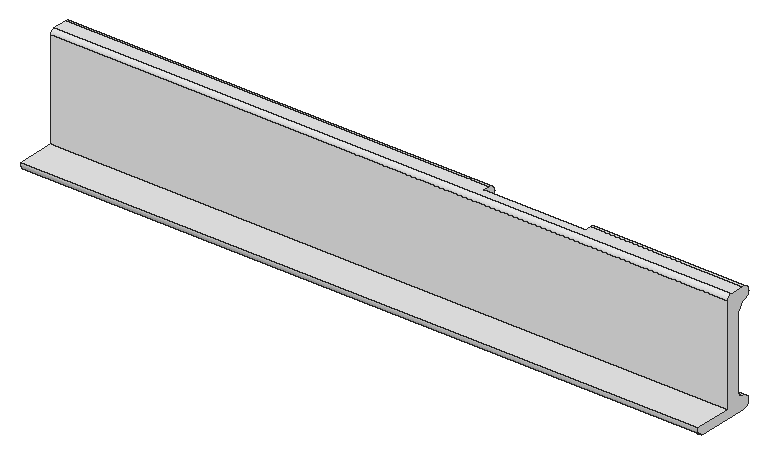
Revit family "Bracket-L_Rakks", category Specialty Equipment, Revit 2026
Family settings
  Round Connector Dimension = Use Diameter
  Part Type = Normal
  Classification Number = 23.40.50.31.11.14
  Work Plane-Based = No
  Enable Cutting in Views = No
  Always vertical = Yes
  Cut with Voids When Loaded = No
  Maintain Annotation Orientation = No
  Shared = Yes
  Room Calculation Point = No
Parameters (values of type "Bracket-L_Rakks")
  Warranty Duration (Years) = 0
  Unit Length = 0' - 10"
  URL = "http://www.rakks.com/"
  Type Comments = "Only for use with PC2 and PL Poles"
  Test Data = "http://www.rakks.com/pdfs/Rangine_Corporation_Leed_Statement.pdf"
  Specification = "http://www.arcat.com/sdspecs/htm/10670rak.htm"
  Send Message = "http://www.arcat.com/users.pl?action=UserEmail&company=Rangine%20Corp.%20-%20Rakks&coid=35076&rep=116&fax=781-455-8702&mf="
  Sales Information = "http://store.rakks.com/"
  Revision = "R1_03-2010"
  Product Properties = "http://www.arcat.com/bim/bim_info.pl?fn=Shelving_Rakks"
  Product Data = "http://www.arcat.com/arcatcos/cos35/arc35076.html"
  Offset [instance] = 0' - 3"
  Model = ""
  Material = Metal - Clear Anodized
  Manufacturer Website = "http://www.rakks.com/"
  Manufacturer Phone - Toll Free = "800-826-6006"
  Manufacturer Phone = "781-455-8700"
  Manufacturer Fax = "781-455-8702"
  Manufacturer Address = "330 Reservoir St., Needham, MA 02494"
  Manufacturer = "Rangine Corp. - Rakks"
  Maintenance Schedule (Months) = 0
  Keynote = "10 56 00"
  Installation-Fabrication = "http://www.rakks.com/literature/install.html"
  Installation Phase = ""
  Green Building-LEED = "http://www.arcat.com/green/clients/leed_data_35076.html"
  Expected Lifespan (Years) = 0
  Drawn By = "Robert S. Weygant, CSI, CDT, SCIP"
  Description = ""
  Default Elevation = 0' - 0"
  Copyright = "2010, ARCAT, Inc"
  Construction Details = "http://www.arcat.com/details/rangine/rangine.html?coid=35076"
  Capacity (Weight) = 0.00 lbf
  Building Codes = ""
  Assembly Code = "E1010500"
Reference planes (in)
  plane 1 "Center (Left/Right)": y = 0
  plane 2: z = 0
  plane 3 "Back": x = 0
  plane 4: x = -0.125
  plane 5: x = 0.125
Forms (in)
  Extrusion 1, solid, material "Metal - Clear Anodized" <- "Material"
    sketch origin (0, -0.375, 0) x (0, 1, 0) y (0, 0, 1)
      loop
        arc (-0.75103, 0) -> (-0.71717, -0.08556) -> (-0.63393, -0.12479) r 0.12504
        line (-0.63393, -0.12479) -> (0.09354, -0.12561)
        arc (0.09354, -0.12561) -> (0.187, -0.03232) -> (0.09347, 0.06089) r 0.09325
        arc (0.09347, 0.06089) -> (0.02739, 0.08809) -> (0, 0.15409) r 0.0932
        line (0, 0.15409) -> (0, 1.1603)
        arc (0, 1.1603) -> (0.02315, 1.25334) -> (0.09347, 1.3185) r 0.16776
        arc (0.09347, 1.3185) -> (0.187, 1.41161) -> (0.09375, 1.505) r 0.09325
        line (0.09375, 1.505) -> (-0.125, 1.505)
        arc (-0.125, 1.505) -> (-0.16919, 1.48669) -> (-0.1875, 1.4425) r 0.0625
        line (-0.1875, 1.4425) -> (-0.1875, 0) -> (-0.75103, 0)
    from -7 to 3
  Extrusion 2, void
    sketch origin (0, -0.375, 0) x (1, 0, 0) y (0, 1, 0)
      loop
        line (-0.75, 0) -> (0.75, 0) -> (0.75, 1.5) -> (-0.75, 1.5) -> (-0.75, 0)
    from -1.01579 to 2.5008
  Extrusion 3, solid, material "Metal - Clear Anodized" <- "Material", not visible
    sketch origin (0, 0, 0) x (0, 1, 0) y (0, 0, 1)
      loop
        arc (-0.75103, 0) -> (-0.71717, -0.08556) -> (-0.63393, -0.12479) r 0.12504
        line (-0.63393, -0.12479) -> (0.09354, -0.12561)
        arc (0.09354, -0.12561) -> (0.187, -0.03232) -> (0.09347, 0.06089) r 0.09325
        arc (0.09347, 0.06089) -> (0.02739, 0.08809) -> (0, 0.15409) r 0.0932
        line (0, 0.15409) -> (0, 1.1603)
        arc (0, 1.1603) -> (0.02315, 1.25334) -> (0.09347, 1.3185) r 0.16776
        arc (0.09347, 1.3185) -> (0.187, 1.41161) -> (0.09375, 1.505) r 0.09325
        line (0.09375, 1.505) -> (-0.125, 1.505)
        arc (-0.125, 1.505) -> (-0.16919, 1.48669) -> (-0.1875, 1.4425) r 0.0625
        line (-0.1875, 1.4425) -> (-0.1875, 0) -> (-0.75103, 0)
    from -7 to 3
  Extrusion 4, void, not visible
    sketch origin (0, 0, 0) x (1, 0, 0) y (0, 1, 0)
      loop
        line (-0.75, 0) -> (0.75, 0) -> (0.75, 1.5) -> (-0.75, 1.5) -> (-0.75, 0)
    from -1.01579 to 2.5008
Cuts and joins
  Extrusion 2 cuts Extrusion 1
Dimensions and locks (in)
  equal spacing: plane 5, plane 3 "Back", plane 4
  locked: plane 5 to plane 4 at 0.25
  "Offset": plane 3 "Back" to cut or joined group of Extrusion 1, Extrusion 2
  "Unit Length": cut or joined group of Extrusion 1, Extrusion 2 to cut or joined group of Extrusion 1, Extrusion 2
Automatic sketch dimensions
  Extrusion 1 sketch curve to Extrusion 1 sketch curve = 0' - 0.00794"
  Extrusion 1 sketch curve to Extrusion 1 sketch curve = 0' - 0.00027"
  Extrusion 1 sketch curve to Extrusion 1 sketch curve = 0' - 0"  (x2)
  Extrusion 1 sketch curve to Extrusion 1 sketch curve = 0' - 0.00021"
  Extrusion 1 sketch curve to Extrusion 1 sketch curve = 0' - 0.00028"
  Extrusion 1 sketch curve to Extrusion 1 sketch curve = 0' - 0.09325"  (x2)
  Extrusion 1 sketch curve to Extrusion 1 sketch curve = 0' - 1.1603"
  Extrusion 1 sketch curve to Extrusion 1 sketch curve = 0' - 0.00769"
  Extrusion 1 sketch curve to Extrusion 1 sketch curve = 0' - 0.03075"
  Extrusion 1 sketch curve to Extrusion 1 sketch curve = 0' - 0.44643"
  Extrusion 2 sketch curve to Extrusion 2 sketch curve = 0' - 1 1/2"  (x2)
  Extrusion 1 sketch curve to Extrusion 1 sketch curve = 0' - 0.1171"
  Extrusion 1 sketch curve to Extrusion 1 sketch curve = 0' - 0 3/16"
  Extrusion 1 sketch curve to Extrusion 1 sketch curve = 0' - 0 1/8"
  Extrusion 1 sketch curve to Extrusion 1 sketch curve = 0' - 0.0932"
  Extrusion 1 sketch curve to Extrusion 1 sketch curve = 0' - 0.09347"
  Extrusion 1 sketch curve to Extrusion 1 sketch curve = 0' - 0.16759"
  Extrusion 1 sketch curve to Extrusion 1 sketch curve = 0' - 0.00082"
  Extrusion 3 sketch curve to Extrusion 3 sketch curve = 0' - 0.00794"
  Extrusion 3 sketch curve to Extrusion 3 sketch curve = 0' - 0.00027"
  Extrusion 3 sketch curve to Extrusion 3 sketch curve = 0' - 0"  (x2)
  Extrusion 3 sketch curve to Extrusion 3 sketch curve = 0' - 0.00021"
  Extrusion 3 sketch curve to Extrusion 3 sketch curve = 0' - 0.00028"
  Extrusion 3 sketch curve to Extrusion 3 sketch curve = 0' - 0.09325"  (x2)
  Extrusion 3 sketch curve to Extrusion 3 sketch curve = 0' - 1.1603"
  Extrusion 3 sketch curve to Extrusion 3 sketch curve = 0' - 0.00769"
  Extrusion 3 sketch curve to Extrusion 3 sketch curve = 0' - 0.03075"
  Extrusion 3 sketch curve to Extrusion 3 sketch curve = 0' - 0.44643"
  Extrusion 4 sketch curve to Extrusion 4 sketch curve = 0' - 1 1/2"  (x2)
  Extrusion 3 sketch curve to Extrusion 3 sketch curve = 0' - 0.1171"
  Extrusion 3 sketch curve to Extrusion 3 sketch curve = 0' - 0 3/16"
  Extrusion 3 sketch curve to Extrusion 3 sketch curve = 0' - 0 1/8"
  Extrusion 3 sketch curve to Extrusion 3 sketch curve = 0' - 0.0932"
  Extrusion 3 sketch curve to Extrusion 3 sketch curve = 0' - 0.09347"
  Extrusion 3 sketch curve to Extrusion 3 sketch curve = 0' - 0.16759"
  Extrusion 3 sketch curve to Extrusion 3 sketch curve = 0' - 0.00082"
  Extrusion 1 sketch curve to level = 0' - 0"
  plane 1 "Center (Left/Right)" to Extrusion 1 sketch curve = 0' - 0 3/8"
  plane 1 "Center (Left/Right)" to Extrusion 2 sketch curve = 0' - 0 3/8"
  Extrusion 2 sketch curve to plane 4 = 0' - 0 5/8"
